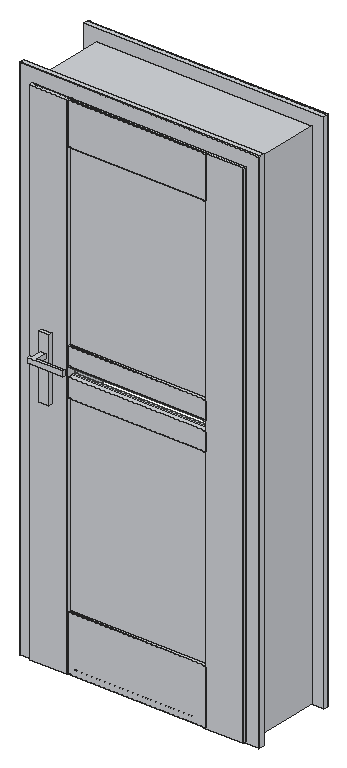
Revit family "porta_koncept_B1_osc_ps", category Drzwi, Revit 2016
Family settings
  Obiekt nadrzędny = Ściana
  Zawsze pionowo = Tak
  Tnij formami wycięć po wczytaniu = Nie
  Współdzielony = Nie
  Punkt obliczania pomieszczeń = Nie
Parameters (values of type "PN 80")
  Zakres szerokości muru [instance] = if(and(Grubość ściany > 94 mm, Grubość ściany < 120 mm), "B", (if(and(Grubość ściany > 119 mm, Grubość ściany < 140 mm), "C", (if(and(Grubość ściany > 139 mm, Grubość ściany < 160 mm), "D", (if(and(Grubość ściany > 159 mm, Grubość ściany < 180 mm), "E", (if(and(Grubość ściany > 179 mm, Grubość ściany < 200 mm), "F", (if(and(Grubość ściany > 199 mm, Grubość ściany < 220 mm), "G", (if(and(Grubość ściany > 219 mm, Grubość ściany < 240 mm), "H", (if(and(Grubość ściany > 239 mm, Grubość ściany < 260 mm), "I", (if(and(Grubość ściany > 259 mm, Grubość ściany < 280 mm), "J", (if(and(Grubość ściany > 279 mm, Grubość ściany < 301 mm), "K", "BRAK")))))))))))))))))))  # "K"
  Wysokość brutto = 2060 mm
  Szerokość brutto = 880 mm
  Model = "Koncept B1"
  Konstrukcja analityczna = "<Brak>"
  Grubość ściany [instance] = 300 mm
  Funkcja = Wewnętrzna
  URL = "www.porta.com.pl"
  Ss = 844 mm
  Sb = 846 mm
  Producent = "PORTA KMI POLAND"
  Keynote = ""
  Description = ""
  Wysokość = 2016 mm
  Zakończenie ściany = Wg obiektu nadrzędnego
  Szerokość = 800 mm
  Materiał_skrzydło [instance] = none
  Materiał_ościeżnica [instance] = none
  Materiał_klamka [instance] = none
  Informacja = "Własność Porta KMI Poland, wszelkie prawa zastrzeżone."  # constant formula
  Hs = 2030 mm
Types (6, lengths in mm): name | Szerokość brutto | Ss | Sb | Description | Szerokość
  PN 70 | 780 | 744 | 746 | "Biblioteki CAD produktów firmy PORTA KMI POLAND wraz z ich wizualizacjami są chronione prawami własności przemysłowej i intelektualnej. Można je wykorzystywać do handlowych celów osobistych poprzez zastosowanie w projektach, jednak nie wolno ich powielać, modyfikować, licencjonować ani publikować, w całości ani w części, chyba że celem przeglądania, bez uprzedniej pisemnej zgody PORTA KMI Poland. www.porta.com.pl" | 700
  PN 60 | 680 | 644 | 646 | "Biblioteki CAD produktów firmy PORTA KMI POLAND wraz z ich wizualizacjami są chronione prawami własności przemysłowej i intelektualnej. Można je wykorzystywać do handlowych celów osobistych poprzez zastosowanie w projektach, jednak nie wolno ich powielać, modyfikować, licencjonować ani publikować, w całości ani w części, chyba że celem przeglądania, bez uprzedniej pisemnej zgody PORTA KMI Poland. www.porta.com.pl" | 600
  PN 80 | 880 | 844 | 846 | "" | 800
  PN 90 | 980 | 944 | 946 | "Biblioteki CAD produktów firmy PORTA KMI POLAND wraz z ich wizualizacjami są chronione prawami własności przemysłowej i intelektualnej. Można je wykorzystywać do handlowych celów osobistych poprzez zastosowanie w projektach, jednak nie wolno ich powielać, modyfikować, licencjonować ani publikować, w całości ani w części, chyba że celem przeglądania, bez uprzedniej pisemnej zgody PORTA KMI Poland. www.porta.com.pl" | 900
  PN 100 | 1080 | 1044 | 1046 | "Biblioteki CAD produktów firmy PORTA KMI POLAND wraz z ich wizualizacjami są chronione prawami własności przemysłowej i intelektualnej. Można je wykorzystywać do handlowych celów osobistych poprzez zastosowanie w projektach, jednak nie wolno ich powielać, modyfikować, licencjonować ani publikować, w całości ani w części, chyba że celem przeglądania, bez uprzedniej pisemnej zgody PORTA KMI Poland. www.porta.com.pl" | 1000
  PN 110 | 1180 | 1144 | 1146 | "Biblioteki CAD produktów firmy PORTA KMI POLAND wraz z ich wizualizacjami są chronione prawami własności przemysłowej i intelektualnej. Można je wykorzystywać do handlowych celów osobistych poprzez zastosowanie w projektach, jednak nie wolno ich powielać, modyfikować, licencjonować ani publikować, w całości ani w części, chyba że celem przeglądania, bez uprzedniej pisemnej zgody PORTA KMI Poland. www.porta.com.pl" | 1100
Reference planes
  plane 1: y = 0
  plane 2 "Środek (Lewa/Prawa)": x = 0
  plane 3 "Lewy": x = -440
  plane 4 "Prawy": x = 440
  plane 5: z = 2060
  plane 6 "Zewnętrzna": y = 150
  plane 7 "Wewnętrzna": y = -150
  plane 8 "skrzydło": y = -144.5
Forms (mm)
  Sweep 1, solid, material <- "Materiał_ościeżnica"
    path in 3D
      loop
        line (-440, -150, 0) -> (-440, -150, 2060) -> (440, -150, 2060) -> (440, -150, 0)
    profile origin (-440, -150, 1030) x (0, -1, 0) y (1, 0, 0)
      loop
        line (-10, 39) -> (-72, 39) -> (-72, 17) -> (0, 17) -> (0, -33) -> (16, -33)
        arc (16, -33) -> (18.121, -32.121) -> (19, -30) r 3
        line (19, -30) -> (19, 24)
        arc (19, 24) -> (18.121, 26.121) -> (16, 27) r 3
        line (16, 27) -> (-10, 27) -> (-10, 39)
  Sweep 2, solid, material <- "Materiał_ościeżnica"
    path in 3D
      loop
        line (440, 150, 0) -> (440, 150, 2060) -> (-440, 150, 2060) -> (-440, 150, 0)
    profile origin (-440, 150, 1030) x (1, 0, 0) y (0, 1, 0)
      loop
        line (-33, 0) -> (17, 0) -> (17, -228) -> (39, -228) -> (39, -1)
        arc (39, -1) -> (37.536, 2.536) -> (34, 4) r 5
        line (34, 4) -> (25, 4) -> (25, 16)
        arc (25, 16) -> (24.121, 18.121) -> (22, 19) r 3
        line (22, 19) -> (-30, 19)
        arc (-30, 19) -> (-32.121, 18.121) -> (-33, 16) r 3
        line (-33, 16) -> (-33, 0)
  Sweep 3, solid, not visible
    path in 3D
      loop
        line (-440, -150, 0) -> (-440, -150, 2060)
    profile origin (-440, -150, 1030) x (0, -1, 0) y (1, 0, 0)
      loop
        line (-151, 17) -> (-149, 17) -> (-149, 19) -> (-151, 19) -> (-151, 17)
Cuts and joins
  joined: Sweep 1, Sweep 2
Lines and regions (mm)
  Opening 1
    outline origin (-3050, -150, 0) x (1, 0, 0) y (0, 0, 1)
      loop
        line (2610, 0) -> (3490, 0) -> (3490, 2060) -> (2610, 2060) -> (2610, 0)
  sketch lines
    curve 1: line (-440, -150, 0) -> (-440, -150, 2060)
    curve 2: line (-440, -150, 2060) -> (440, -150, 2060)
    curve 3: line (440, -150, 2060) -> (440, -150, 0)
    curve 4: line (-440, 150, 2060) -> (-440, 150, 0)
    curve 5: line (440, 150, 2060) -> (-440, 150, 2060)
    curve 6: line (440, 150, 0) -> (440, 150, 2060)
    curve 12: line (-440, -150, 0) -> (-440, -150, 2060)
  symbolic lines, style "DoorsPanelProjection"
    curve 7: line (422, -150, 0) -> (422, -994, 0)
    curve 8: line (422, -994, 0) -> (382, -994, 0)
    curve 9: line (382, -994, 0) -> (382, -150, 0)
    curve 10: line (382, -150, 0) -> (422, -150, 0)
  symbolic lines, style "Ugięcie rzutu"
    curve 11: arc (-422, -150, 0) -> (-174.798, -746.798, 0) -> (422, -994, 0) r 844
Text (mm)
  text "Zewnętrzna" at (-2295.016, 1099.543, 0), in view "Poziom odniesienia"
  text "Zewnętrzna" at (0, 1615.38, 3698.081), in view "Lewy"
  text "Zewnętrzna" at (0, 1036.032, 3874.932), in view "Prawy"
Dimensions and locks
  equal spacing: plane 3 "Lewy", plane 2 "Środek (Lewa/Prawa)", plane 4 "Prawy"
  "Szerokość brutto": plane 3 "Lewy" to plane 4 "Prawy"
  "Wysokość brutto": plane 5 to host wall
  host wall to plane 5 = 2060 mm  (x2)
  locked: plane 6 "Zewnętrzna" to host wall at 0
  locked: plane 7 "Wewnętrzna" to host wall
  "Sb": Sweep 1 to Sweep 1
  locked: Sweep 1 sketch curve to Sweep 1 sketch curve at 22
  Sweep 1 sketch curve to Sweep 1 sketch curve = 50 mm
  locked: Sweep 1 sketch curve to profile plane at 72
  locked: Sweep 2 sketch curve to Sweep 2 sketch curve at 50
  locked: Sweep 2 sketch curve to Sweep 2 sketch curve at 22
  locked: Sweep 2 sketch curve to plane 6 "Zewnętrzna" at 1
  locked: curve 9 to curve 7 at 40
  "Ss": curve 8 to curve 10
  equal spacing: curve 11, plane 2 "Środek (Lewa/Prawa)", curve 7
  locked: plane 7 "Wewnętrzna" to plane 8 "skrzydło" at 5.5
  locked: host wall to Sweep 3 sketch curve at 1
  locked: Sweep 3 sketch curve to host wall at 1
  locked: Sweep 3 sketch curve to plane 6 "Zewnętrzna" at 151
  locked: plane 7 "Wewnętrzna" to Sweep 3 sketch curve at 151
  equal spacing: nested 1, plane 2 "Środek (Lewa/Prawa)", nested 1
  locked: nested 1 to level at 8
  "Grubość ściany": host wall to host wall
  aligned and locked: plane 3 "Lewy" to Opening 1 sketch curve
  aligned and locked: plane 5 to Opening 1 sketch curve  (x2)
  aligned and locked: Opening 1 sketch curve to plane 4 "Prawy"
  aligned and locked: Opening 1 sketch curve to level
  aligned and locked: plane 1 to host wall
  aligned and locked: Sweep 1 to Sweep 2 sketch curve
  aligned and locked: plane 7 "Wewnętrzna" to curve 10
  aligned and locked: Sweep 3 sketch curve to cut or joined group of Sweep 1, Sweep 2
  aligned and locked: Sweep 2 sketch curve to cut or joined group of Sweep 1, Sweep 2
  aligned and locked: nested 1 to plane 8 "skrzydło"
Automatic sketch dimensions
  profile plane to Sweep 1 sketch curve = 10 mm
  Sweep 1 sketch curve to profile plane = 16 mm  (x2)
  Sweep 1 sketch curve to Sweep 1 sketch curve = 3 mm
  profile plane to Sweep 1 sketch curve = 17 mm
  Sweep 1 sketch curve to Sweep 1 sketch curve = 7 mm
  Sweep 1 sketch curve to profile plane = 0 mm
  Sweep 2 sketch curve to profile plane = 0 mm
  Sweep 2 sketch curve to profile plane = 16 mm
  Sweep 2 sketch curve to Sweep 2 sketch curve = 3 mm
  Sweep 2 sketch curve to Sweep 2 sketch curve = 5 mm
  Sweep 2 sketch curve to profile plane = 4 mm
  Sweep 2 sketch curve to Sweep 2 sketch curve = 8 mm
  curve 11 to host wall = 0 mm
  Sweep 3 sketch curve to Sweep 3 sketch curve = 2 mm
Nested families
  nested 1: "skrzydło" at (0, -151, 0), Materiał_klamka <- "Materiał_klamka", Materiał_skrzydło <- "Materiał_skrzydło", type "skrzydło"
    with Materiał_skrzydło none, Materiał_klamka none
Definition of nested family "skrzydło"
  Parameters
    Ss = 844 mm
    Materiał_skrzydło [instance] = none
    Materiał_klamka [instance] = none
    Hs = 2030 mm
  Reference planes
    plane 1 "Tył": y = 6.5
    plane 2: z = 0
    plane 3 "Środek (Lewa/Prawa)": x = 0
    plane 4 "Lewa": x = -422
    plane 5 "Prawa": x = 422
    plane 6 "Przód": y = -33.5
    plane 7: z = 2038
    plane 8 "Centrum": y = -13.5
    plane 9: x = -409
    plane 10: z = 8
    plane 11: x = 409
    plane 12: x = -272
    plane 13: x = 272
    plane 14: z = 2025
  Forms (mm)
    Extrusion 1, solid, material <- "Materiał_skrzydło"
      sketch origin (-1191.728, -1524, 8) x (-1, 0, 0) y (0, -1, 0)
        loop
          line (-1465.378, -1490.5) -> (-1612.078, -1490.5)
          arc (-1612.078, -1490.5) -> (-1613.244, -1490.983) -> (-1613.728, -1492.15) r 1.65
          line (-1613.728, -1492.15) -> (-1613.728, -1501.85)
          arc (-1613.728, -1501.85) -> (-1613.244, -1503.017) -> (-1612.078, -1503.5) r 1.65
          line (-1612.078, -1503.5) -> (-1602.078, -1503.5)
          arc (-1602.078, -1503.5) -> (-1601.123, -1503.895) -> (-1600.728, -1504.85) r 1.35
          line (-1600.728, -1504.85) -> (-1600.728, -1528.85)
          arc (-1600.728, -1528.85) -> (-1600.244, -1530.017) -> (-1599.078, -1530.5) r 1.65
          line (-1599.078, -1530.5) -> (-1465.378, -1530.5)
          arc (-1465.378, -1530.5) -> (-1464.211, -1530.017) -> (-1463.728, -1528.85) r 1.65
          line (-1463.728, -1528.85) -> (-1463.728, -1492.15)
          arc (-1463.728, -1492.15) -> (-1464.211, -1490.983) -> (-1465.378, -1490.5) r 1.65
      from 0 to 2030
    Extrusion 2, void
      sketch origin (0, 0, 0) x (0, -1, 0) y (0, 0, 1)
        loop
          line (-6.5, 2025) -> (20.5, 2025) -> (20.5, 2038) -> (-6.5, 2038) -> (-6.5, 2025)
      from -422 to 422
    Extrusion 3, solid, material <- "Materiał_skrzydło"
      sketch origin (0, 0, 0) x (0, 1, 0) y (0, 0, 1)
        loop
          line (4, 1869.65) -> (4, 2023.35)
          arc (4, 2023.35) -> (3.517, 2024.517) -> (2.35, 2025) r 1.65
          line (2.35, 2025) -> (-19.15, 2025)
          arc (-19.15, 2025) -> (-20.105, 2025.395) -> (-20.5, 2026.35) r 1.35
          line (-20.5, 2026.35) -> (-20.5, 2036.35)
          arc (-20.5, 2036.35) -> (-20.983, 2037.517) -> (-22.15, 2038) r 1.65
          line (-22.15, 2038) -> (-29.35, 2038)
          arc (-29.35, 2038) -> (-30.517, 2037.517) -> (-31, 2036.35) r 1.65
          line (-31, 2036.35) -> (-31, 1869.65)
          arc (-31, 1869.65) -> (-30.517, 1868.483) -> (-29.35, 1868) r 1.65
          line (-29.35, 1868) -> (2.35, 1868)
          arc (2.35, 1868) -> (3.517, 1868.483) -> (4, 1869.65) r 1.65
        loop
          line (2.35, 228) -> (-29.35, 228)
          arc (-29.35, 228) -> (-30.517, 227.517) -> (-31, 226.35) r 1.65
          line (-31, 226.35) -> (-31, 9.65)
          arc (-31, 9.65) -> (-30.517, 8.483) -> (-29.35, 8) r 1.65
          line (-29.35, 8) -> (-25, 8)
          arc (-25, 8) -> (-23.833, 8.483) -> (-23.35, 9.65) r 1.65
          arc (-23.35, 9.65) -> (-22.955, 10.605) -> (-22, 11) r 1.35
          line (-22, 11) -> (-5, 11)
          arc (-5, 11) -> (-4.045, 10.605) -> (-3.65, 9.65) r 1.35
          arc (-3.65, 9.65) -> (-3.167, 8.483) -> (-2, 8) r 1.65
          line (-2, 8) -> (2.35, 8)
          arc (2.35, 8) -> (3.517, 8.483) -> (4, 9.65) r 1.65
          line (4, 9.65) -> (4, 226.35)
          arc (4, 226.35) -> (3.517, 227.517) -> (2.35, 228) r 1.65
        loop
          line (2.35, 1058) -> (-29.35, 1058)
          arc (-29.35, 1058) -> (-30.517, 1057.517) -> (-31, 1056.35) r 1.65
          line (-31, 1056.35) -> (-31, 984.65)
          arc (-31, 984.65) -> (-30.517, 983.483) -> (-29.35, 983) r 1.65
          line (-29.35, 983) -> (2.35, 983)
          arc (2.35, 983) -> (3.517, 983.483) -> (4, 984.65) r 1.65
          line (4, 984.65) -> (4, 1056.35)
          arc (4, 1056.35) -> (3.517, 1057.517) -> (2.35, 1058) r 1.65
        loop
          line (2.35, 1168) -> (-29.35, 1168)
          arc (-29.35, 1168) -> (-30.517, 1167.517) -> (-31, 1166.35) r 1.65
          line (-31, 1166.35) -> (-31, 1094.65)
          arc (-31, 1094.65) -> (-30.517, 1093.483) -> (-29.35, 1093) r 1.65
          line (-29.35, 1093) -> (2.35, 1093)
          arc (2.35, 1093) -> (3.517, 1093.483) -> (4, 1094.65) r 1.65
          line (4, 1094.65) -> (4, 1166.35)
          arc (4, 1166.35) -> (3.517, 1167.517) -> (2.35, 1168) r 1.65
      from -272 to 272
    Extrusion 4, solid
      sketch origin (-892.016, -13.5, 1200) x (-1, 0, 0) y (0, 0, 1)
        loop
          line (-620.016, -107) -> (-1164.016, -107) -> (-1164.016, -142) -> (-620.016, -142) -> (-620.016, -107)
      from -2 to 2
    Extrusion 5, solid, material <- "Materiał_skrzydło"
      sketch origin (-892.016, -13.5, 1200) x (-1, 0, 0) y (0, 0, 1)
        loop
          line (-620.016, -972) -> (-620.016, -217) -> (-1164.016, -217) -> (-1164.016, -972) -> (-620.016, -972)
        loop
          line (-620.016, -32) -> (-620.016, 668) -> (-1164.016, 668) -> (-1164.016, -32) -> (-620.016, -32)
      from -6 to 6
    Extrusion 6, solid, material <- "Materiał_skrzydło"
      sketch origin (-1191.728, -1524, 8) x (-1, 0, 0) y (0, -1, 0)
        loop
          arc (-918.078, -1490.5) -> (-919.244, -1490.983) -> (-919.728, -1492.15) r 1.65
          line (-919.728, -1492.15) -> (-919.728, -1528.85)
          arc (-919.728, -1528.85) -> (-919.244, -1530.017) -> (-918.078, -1530.5) r 1.65
          line (-918.078, -1530.5) -> (-784.378, -1530.5)
          arc (-784.378, -1530.5) -> (-783.211, -1530.017) -> (-782.728, -1528.85) r 1.65
          line (-782.728, -1528.85) -> (-782.728, -1504.85)
          arc (-782.728, -1504.85) -> (-782.332, -1503.895) -> (-781.378, -1503.5) r 1.35
          line (-781.378, -1503.5) -> (-771.378, -1503.5)
          arc (-771.378, -1503.5) -> (-770.211, -1503.017) -> (-769.728, -1501.85) r 1.65
          line (-769.728, -1501.85) -> (-769.728, -1492.15)
          arc (-769.728, -1492.15) -> (-770.211, -1490.983) -> (-771.378, -1490.5) r 1.65
          line (-771.378, -1490.5) -> (-918.078, -1490.5)
      from 0 to 2030
  Cuts and joins
    Extrusion 2 cuts Extrusion 1
    Extrusion 2 cuts Extrusion 6
  Dimensions and locks
    equal spacing: plane 4 "Lewa", plane 3 "Środek (Lewa/Prawa)", plane 5 "Prawa"
    "Ss": plane 4 "Lewa" to plane 5 "Prawa"
    locked: plane 4 "Lewa" to plane 9 at 13
    locked: plane 10 to level at 8
    "Hs": plane 7 to plane 10
    locked: plane 5 "Prawa" to plane 11 at 13
    locked: plane 9 to nested 1 at 35
    locked: nested 1 to plane 10 at 934
    locked: plane 10 to nested 2 at 934
    equal spacing: plane 6 "Przód", plane 8 "Centrum", plane 1 "Tył"
    locked: plane 7 to plane 14 at 13
    locked: plane 12 to plane 4 "Lewa" at 150
    locked: plane 5 "Prawa" to plane 13 at 150
    locked: plane 1 "Tył" to Extrusion 2 sketch curve at 27
    aligned and locked: nested 1 to plane 6 "Przód"
    aligned and locked: plane 5 "Prawa" to Extrusion 1 sketch curve
    aligned and locked: Extrusion 1 sketch curve to plane 11
    aligned and locked: Extrusion 1 sketch curve to plane 1 "Tył"
    aligned and locked: Extrusion 1 sketch curve to plane 6 "Przód"
    aligned and locked: Extrusion 1 sketch curve to plane 13
    aligned and locked: plane 7 to Extrusion 1
    aligned and locked: Extrusion 2 sketch curve to plane 14
    aligned and locked: Extrusion 2 sketch curve to plane 1 "Tył"
    aligned and locked: plane 7 to Extrusion 2 sketch curve
    aligned and locked: Extrusion 2 to plane 4 "Lewa"
    aligned and locked: plane 5 "Prawa" to Extrusion 2
    aligned and locked: Extrusion 3 to plane 12
    aligned and locked: plane 13 to Extrusion 3
    aligned and locked: plane 12 to Extrusion 4 sketch curve
    aligned and locked: plane 13 to Extrusion 4 sketch curve
    aligned and locked: Extrusion 3 to Extrusion 5 sketch curve  (x2)
    aligned and locked: plane 4 "Lewa" to Extrusion 6 sketch curve
    aligned and locked: Extrusion 6 sketch curve to plane 12
    aligned and locked: plane 7 to Extrusion 6
    aligned and locked: nested 2 to nested 1
    aligned and locked: plane 12 to Extrusion 5 sketch curve
    aligned and locked: plane 13 to Extrusion 5 sketch curve
  Automatic sketch dimensions
    Extrusion 1 sketch curve to Extrusion 1 sketch curve = 1.65 mm  (x4)
    Extrusion 1 sketch curve to Extrusion 1 sketch curve = 1.35 mm
    Extrusion 1 sketch curve to Extrusion 1 sketch curve = 10 mm
    plane 1 "Tył" to Extrusion 1 sketch curve = 25.65 mm
    Extrusion 6 sketch curve to Extrusion 6 sketch curve = 1.65 mm  (x4)
    Extrusion 6 sketch curve to Extrusion 6 sketch curve = 1.35 mm
    Extrusion 6 sketch curve to Extrusion 6 sketch curve = 10 mm
    Extrusion 6 sketch curve to Extrusion 6 sketch curve = 0 mm
    plane 6 "Przód" to Extrusion 6 sketch curve = 40 mm
    Extrusion 6 sketch curve to Extrusion 6 sketch curve = 24 mm
    Extrusion 6 sketch curve to Extrusion 6 sketch curve = 9.7 mm
    Extrusion 4 sketch curve to plane 14 = 967 mm
    Extrusion 4 sketch curve to plane 14 = 932 mm
    Extrusion 3 sketch curve to plane 7 = 0 mm
    Extrusion 3 sketch curve to plane 10 = 0 mm  (x2)
    Extrusion 3 sketch curve to plane 14 = 0 mm
    Extrusion 3 sketch curve to plane 8 "Centrum" = 5.65 mm
    Extrusion 3 sketch curve to plane 7 = 1.65 mm  (x2)
    Extrusion 3 sketch curve to plane 8 "Centrum" = 7 mm
    plane 10 to Extrusion 3 sketch curve = 3 mm
    Extrusion 3 sketch curve to plane 8 "Centrum" = 8.5 mm
    Extrusion 3 sketch curve to Extrusion 3 sketch curve = 1.35 mm
    Extrusion 3 sketch curve to Extrusion 3 sketch curve = 0 mm  (x2)
    plane 6 "Przód" to Extrusion 3 sketch curve = 4.15 mm  (x7)
    plane 10 to Extrusion 3 sketch curve = 1.65 mm  (x2)
    Extrusion 3 sketch curve to Extrusion 3 sketch curve = 1.65 mm  (x7)
    plane 8 "Centrum" to Extrusion 3 sketch curve = 8.5 mm
    plane 1 "Tył" to Extrusion 3 sketch curve = 4.15 mm  (x8)
    Extrusion 3 sketch curve to Extrusion 3 sketch curve = 215.35 mm
    Extrusion 3 sketch curve to Extrusion 3 sketch curve = 755 mm
    Extrusion 3 sketch curve to Extrusion 3 sketch curve = 71.7 mm  (x2)
    Extrusion 3 sketch curve to Extrusion 3 sketch curve = 35 mm
    Extrusion 3 sketch curve to Extrusion 3 sketch curve = 155.35 mm
    plane 10 to Extrusion 5 sketch curve = 220 mm
    Extrusion 5 sketch curve to Extrusion 5 sketch curve = 755 mm
    Extrusion 5 sketch curve to Extrusion 5 sketch curve = 185 mm
    Extrusion 5 sketch curve to plane 14 = 157 mm
  Nested families
    nested 1: "KLAMKA" at (-354, -33.5, 1067), Materiał klamki <- "Materiał_klamka", type "KLAMKA"
      with Materiał klamki none
    nested 2: "KLAMKA" at (-354, 6.5, 1067), Materiał klamki <- "Materiał_klamka", type "KLAMKA"
      with Materiał klamki none
  Definition of nested family "KLAMKA"
    Parameters
      Materiał klamki [instance] = none
      Assembly Code = ""
      Default Elevation = 1219.2 mm
    Reference planes
      plane 1 "Center (Front/Back)": y = 0
      plane 2: z = 0
      plane 3 "Center (Left/Right)": x = 0
      plane 4: z = 125
      plane 5: z = -125
      plane 6: x = 20
      plane 7: x = -20
      plane 8: y = -70
      plane 9: y = -60
      plane 10: x = 10
      plane 11: x = -10
      plane 12: x = 120
      plane 13: z = 35
      plane 14: z = 55
      plane 15: y = -15
    Forms (mm)
      Extrusion 1, solid, material <- "Materiał klamki"
        sketch origin (0, 0, 0) x (1, 0, 0) y (0, 0, 1)
          loop
            line (-20, 125) -> (-20, -125) -> (20, -125) -> (20, 125) -> (-20, 125)
        from 0 to 15
      Extrusion 2, solid, material <- "Materiał klamki"
        sketch origin (0, 0, 0) x (1, 0, 0) y (0, 1, 0)
          loop
            line (-10, -15) -> (-10, -60) -> (-20, -60) -> (-20, -70) -> (120, -70) -> (120, -60) -> (10, -60) -> (10, -15) -> (-10, -15)
        from 35 to 55
    Dimensions and locks
      equal spacing: plane 4, plane 2, plane 5
      plane 4 to plane 5 = 250 mm
      equal spacing: plane 7, plane 3 "Center (Left/Right)", plane 6
      plane 7 to plane 6 = 40 mm
      plane 8 to plane 1 "Center (Front/Back)" = 70 mm
      plane 11 to plane 3 "Center (Left/Right)" to plane 10 = 10 mm locked, 10 mm locked
      plane 7 to plane 12 = 140 mm
      plane 15 to plane 1 "Center (Front/Back)" = 15 mm
      aligned and locked: plane 7 to Extrusion 1 sketch curve
      aligned and locked: Extrusion 1 sketch curve to plane 4
      aligned and locked: plane 5 to Extrusion 1 sketch curve
      aligned and locked: Extrusion 1 sketch curve to plane 6
      aligned and locked: plane 15 to Extrusion 1
      aligned and locked: Extrusion 1 to plane 1 "Center (Front/Back)"
      aligned and locked: plane 14 to Extrusion 2
      aligned and locked: Extrusion 2 to plane 13
    Automatic sketch dimensions
      Extrusion 2 sketch curve to plane 7 = 0 mm
      Extrusion 2 sketch curve to plane 9 = 0 mm  (x2)
      Extrusion 2 sketch curve to plane 11 = 0 mm
      Extrusion 2 sketch curve to plane 10 = 0 mm
      Extrusion 2 sketch curve to plane 12 = 0 mm
      Extrusion 2 sketch curve to plane 8 = 0 mm
      Extrusion 2 sketch curve to plane 15 = 0 mm
